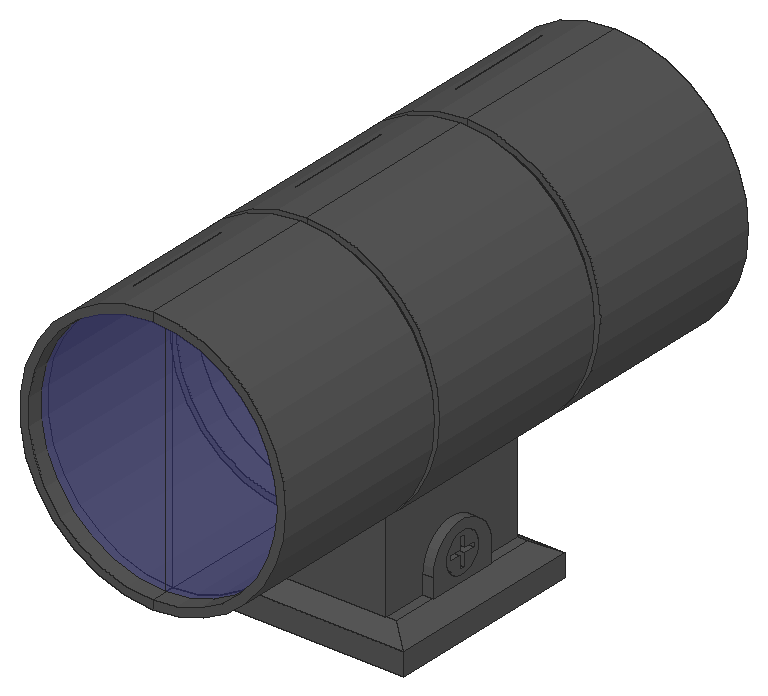
Revit family "CARLO CYLINDER LIGHT WALL MOUNT", category Lighting Fixtures, host Face, Revit 2020 (continued)
Types (10): name | Wattage_Input | Wattage Comments | Wattage | Photometric Web File | built-in parameter 1150142 | Model | built-in parameter 1150105 | Lumens | Light Length 1 | LIGHT RADIUS | LIGHT PLACEMENT | LIGHT LENGTH | LIGHT DIA | built-in parameter 1150106 | FIXED END HEIGHT | Curve base Height | Base Curve | BEAMING ANGLE | Apparent Load
    .04 \r\n 143.93 146.1 148.58 151.33 154.55 158.39 162.94 168.19 174.52 182.09 \r\n 191.53 203.76 218 233.63 251.19 270.58 293.04 320.13 350.71 384.22 \r\n 420.52 459.4 500.56 543.54 588.61 636.22 685.4 735.53 786.13 836.57 \r\n 886.6 935.79 984.04 1031.2 1076.9 1120.5 1162.2 1203.1 1240.9 1273.1 \r\n 1302.1 1329.7 1355.3 1378.8 1400.1 1419.2 1434.9 1446.5 1453.5 1455.2 \r\n 1452.3 \r\n1448.4 1454.2 1453.1 1445 1432 1416.6 1398 1375.8 1351.8 1328.5 \r\n 1304.1 1278.4 1249.8 1216.8 1180 1139.5 1095.5 1048.2 998.37 946.79 \r\n 894.39 842.27 790.61 739.86 690.3 642.65 596.1 549.54 504.62 462.82 \r\n 423.55 386.4 352.29 321.93 295.51 274.24 255.66 236.96 220.33 207.5 \r\n 196.93 187.6 179.62 172.85 167.07 162.05 157.72 153.97 150.74 147.94 \r\n 145.52 143.37 141.5 139.91 138.53 137.36 136.28 135.1 133.97 132.98 \r\n 132.05 131.14 130.25 129.33 128.45 127.68 126.91 126.03 125.04 124.12 \r\n 122.68 120.18 116.69 111.97 106.44 100.51 94.036 86.894 79.396 71.763 \r\n 64.137 56.74 49.553 42.598 35.977 29.655 24.069 19.69 16.384 14.401 \r\n 13.069 11.768 10.583 9.3599 8.1845 7.0429 6.0755 5.4692 5.0711 4.8157 \r\n 4.6274 4.3864 4.1596 3.9862 3.8306 3.6662 3.5049 3.3471 3.2002 3.0801 \r\n 2.9618 2.822 2.6709 2.5026 2.3419 2.2259 2.1123 1.9608 1.8028 1.6564 \r\n 1.5214 1.4144 1.3035 1.1457 0.99093 0.88673 0.79701 0.69712 0.60028 0.50806 \r\n 0.43071 0.38517 0.35296 0.31886 0.29002 0.26994 0.25438 0.23985 0.22763 0.21997 \r\n 0.21198 0.19714 0.18262 0.17512 0.1695 0.16254 0.15524 0.14723 0.13945 0.1332 \r\n 0.12692 0.11902 0.11095 0.10353 0.097218 0.093398 0.090187 0.086618 0.081328 0.071593 \r\n 0.060528 0.050522 0.041032 0.031776 0.024357 0.021361 0.019549 0.015931 0.012348 0.0098939 \r\n 0.0078074 0.0056112 0.0035435 0.0015226 0.000031 0 0 0 0 0 \r\n 0 0 0 0 0 0 0 0 0 0.0070707 \r\n 0.014039 0.013914 0.013216 0.017143 0.022675 0.028475 0.034696 0.040348 0.047515 0.059551 \r\n 0.071656 0.079084 0.085027 0.091507 0.097293 0.10094 0.10512 0.1131 0.12158 0.12763 \r\n 0.1334 0.14011 0.14767 0.15678 0.16615 0.17487 0.18242 0.18622 0.19157 0.20545 \r\n 0.22021 0.2283 0.23636 0.24942 0.26486 0.28099 0.3001 0.32582 0.3593 0.40042 \r\n 0.45662 0.54263 0.63652 0.71482 0.79687 0.89403 1.0068 1.1492 1.2919 1.3943 \r\n 1.5038 1.6706 1.8455 1.9899 2.1232 2.2477 2.3768 2.5341 2.6912 2.8201 \r\n 2.9427 3.0719 3.206 3.3497 3.4972 3.6396 3.7907 3.9635 4.1527 4.3559 \r\n 4.578 4.8061 5.0921 5.4701 5.981 6.7112 7.5581 8.4405 9.3807 10.287 \r\n 11.42 12.792 15.05 19.054 24.185 30.232 36.832 43.51 50.389 57.459 \r\n 64.644 71.916 79.113 86.056 92.757 99.244 105.29 110.87 115.4 117.94 \r\n 119.55 121 122.26 123.64 124.93 125.98 126.97 128.08 129.22 130.32 \r\n 131.45 132.66 133.86 134.94 136.01 137.14 138.31 139.46 140.76 142.41 \r\n 144.34 146.55 149.09 151.93 155.25 159.15 163.76 169.12 175.57 183.14 \r\n 192.92 206.61 222.35 238.59 256.13 274.49 295.9 323.06 354.05 387.86 \r\n 424.51 463.8 505.36 548.72 594.03 641.5 690.58 741.07 792.07 842.71 \r\n 892.75 941.63 989.49 1036.5 1082 1125.6 1167.3 1207.2 1244 1275.9 \r\n 1304.9 1332.6 1358.3 1381.6 1402.6 1421.7 1437.3 1448.2 1454.4 1455.6 \r\n 1452.3 \r\n1448.4 1454.9 1454.1 1446.3 1433.7 1418.2 1399.5 1377.4 1353.7 1330.5 \r\n 1306.2 1279.9 1250.8 1217.7 1180.9 1140.5 1096.7 1049.2 999.23 947.82 \r\n 895.58 843.32 791.48 740.77 691.21 643.18 596.31 549.96 505.26 463.1 \r\n 423.47 386.48 352.59 322.23 295.53 273.3 253.94 235.72 219.78 207.07 \r\n 196.47 187.15 179.19 172.5 166.8 161.79 157.46 153.74 150.53 147.74 \r\n 145.31 143.14 141.24 139.63 138.24 137.04 135.93 134.75 133.62 132.62 \r\n 131.68 130.79 129.92 129.02 128.16 127.43 126.7 125.86 124.91 123.99 \r\n 122.56 120.08 116.65 112.11 106.75 100.79 94.275 87.306 79.986 72.385 \r\n 64.699 57.11 49.734 42.759 36.15 29.773 24.119 19.668 16.313 14.345 \r\n 13.05 11.779 10.615 9.393 8.2137 7.0831 6.1218 5.4961 5.0749 4.8111 \r\n 4.6192 4.3752 4.1479 3.9773 3.8247 3.6589 3.4965 3.3424 3.1997 3.0806 \r\n 2.962 2.8203 2.6689 2.5079 2.3539 2.2352 2.1162 1.9601 1.7998 1.6581 \r\n 1.5284 1.42 1.307 1.1504 0.99813 0.89777 0.81143 0.71188 0.61462 0.52294 \r\n 0.44619 0.40113 0.3689 0.33354 0.30313 0.28179 0.26544 0.25132 0.23964 0.23201 \r\n 0.22395 0.20923 0.19471 0.18666 0.1806 0.17419 0.16734 0.15818 0.1496 0.14527 \r\n 0.14092 0.13226 0.12306 0.11607 0.11019 0.10563 0.10119 0.095988 0.089325 0.079278 \r\n 0.068653 0.060155 0.052168 0.043207 0.035573 0.032176 0.029699 0.025178 0.020452 0.016573 \r\n 0.012928 0.009116 0.005556 0.0023446 0.000049 0 0 0 0 0 \r\n 0 0 0 0 0 0 0 0 0.000000 0.0040076 \r\n 0.0079015 0.0076033 0.0069922 0.0087737 0.01239 0.018938 0.02616 0.030668 0.036952 0.050712 \r\n 0.06493 0.073265 0.079399 0.08512 0.089767 0.092333 0.095644 0.10344 0.11198 0.11811 \r\n 0.12385 0.13 0.13708 0.14659 0.15647 0.16528 0.1727 0.17591 0.18091 0.19578 \r\n 0.2114 0.21854 0.22565 0.23938 0.25597 0.27322 0.2932 0.31731 0.34938 0.39235 \r\n 0.45027 0.53458 0.62596 0.70168 0.7834 0.88765 1.007 1.1465 1.2853 1.3889 \r\n 1.5022 1.6769 1.8575 1.9959 2.1226 2.2509 2.3849 2.5419 2.6958 2.8174 \r\n 2.9334 3.0638 3.1995 3.3395 3.4795 3.6082 3.7462 3.913 4.0993 4.302 \r\n 4.5213 4.746 5.0074 5.3135 5.7236 6.3263 7.0417 7.8096 8.6593 9.515 \r\n 10.632 12.02 14.336 18.462 23.727 29.856 36.535 43.328 50.325 57.477 \r\n 64.762 72.224 79.618 86.701 93.509 100.09 106.16 111.58 115.92 118.43 \r\n 120.05 121.46 122.66 123.98 125.22 126.24 127.23 128.34 129.48 130.59 \r\n 131.72 132.9 134.07 135.12 136.18 137.34 138.55 139.73 141.07 142.75 \r\n 144.72 146.98 149.57 152.51 155.93 159.89 164.56 170.02 176.61 184.16 \r\n 194.24 209.29 226.45 243.34 260.92 278.26 298.62 325.82 357.19 391.31 \r\n 428.3 468 509.97 553.73 599.3 646.62 695.55 746.39 797.83 848.68 \r\n 898.77 947.4 994.94 1041.8 1087.2 1131 1172.5 1211.4 1247.1 1278.7 \r\n 1307.7 1335.5 1361.1 1384.3 1405.1 1424.2 1439.7 1449.9 1455.3 1455.8 \r\n 1452.3 \r\n1448.4 1455.5 1454.9 1447.5 1435.2 1419.6 1400.7 1378.7 1355.1 1332 \r\n 1307.6 1280.8 1251.1 1217.9 1181.2 1140.8 1097 1049.3 999.29 948.08 \r\n 896.04 843.69 791.72 741.05 691.48 643.1 595.94 549.82 505.35 462.9 \r\n 422.96 386.17 352.51 322.19 295.27 272.11 252 234.28 219.06 206.47 \r\n 195.85 186.57 178.66 172.05 166.42 161.44 157.13 153.44 150.27 147.49 \r\n 145.05 142.86 140.95 139.33 137.93 136.7 135.56 134.39 133.27 132.24 \r\n 131.29 130.42 129.58 128.7 127.86 127.16 126.45 125.65 124.73 123.81 \r\n 122.38 119.9 116.51 112.13 106.91 100.9 94.34 87.527 80.372 72.806 \r\n 65.074 57.318 49.778 42.792 36.198 29.762 24.039 19.539 16.16 14.22 \r\n 12.968 11.728 10.588 9.3703 8.1945 7.0896 6.1492 5.5118 5.0716 4.8003 \r\n 4.6045 4.3588 4.1319 3.9645 3.815 3.6488 3.4862 3.3361 3.1974 3.0793 \r\n 2.9603 2.8168 2.6651 2.511 2.3631 2.2417 2.1176 1.9576 1.7956 1.6588 \r\n 1.5341 1.424 1.3084 1.153 1.0032 0.90623 0.82289 0.72377 0.62641 0.53588 \r\n 0.46029 0.41562 0.38326 0.34708 0.31558 0.29313 0.27604 0.26241 0.25131 0.24359 \r\n 0.2354 0.2211 0.20687 0.19818 0.1915 0.18556 0.17911 0.16899 0.15975 0.15704 \r\n 0.15434 0.14509 0.13497 0.12832 0.1227 0.11734 0.11167 0.10488 0.096927 0.086707 \r\n 0.076644 0.069657 0.063174 0.054659 0.046919 0.04297 0.039656 0.03428 0.02849 0.023166 \r\n 0.017919 0.012442 0.0073723 0.0030635 0.000065 0 0 0 0 0 \r\n 0 0 0 0 0 0 0 0 0 0.0011787 \r\n 0.0022984 0.0021057 0.0018264 0.0016456 0.0034311 0.010605 0.01869 0.022159 0.027583 0.042614 \r\n 0.058486 0.067683 0.074109 0.079174 0.082842 0.084611 0.087298 0.094869 0.10338 0.10961 \r\n 0.11536 0.12104 0.1277 0.13741 0.14759 0.1564 0.16372 0.16671 0.17164 0.18716 \r\n 0.20327 0.20964 0.216 0.23013 0.24756 0.26587 0.28673 0.30937 0.34002 0.38432 \r\n 0.44328 0.52528 0.61386 0.68781 0.76984 0.88013 1.0051 1.1426 1.2785 1.3839 \r\n 1.5008 1.6813 1.8657 1.9986 2.1196 2.251 2.3892 2.5463 2.6979 2.8133 \r\n 2.9235 3.0548 3.1915 3.3277 3.4606 3.577 3.7028 3.8636 4.0466 4.2496 \r\n 4.4667 4.6866 4.9242 5.1658 5.4859 5.9734 6.5721 7.246 8.0238 8.8391 \r\n 9.9411 11.337 13.687 17.886 23.239 29.443 36.207 43.115 50.228 57.456 \r\n 64.835 72.478 80.066 87.299 94.224 100.9 106.99 112.23 116.4 118.92 \r\n 120.58 121.93 123.07 124.32 125.5 126.51 127.48 128.58 129.71 130.81 \r\n 131.92 133.07 134.21 135.23 136.28 137.46 138.71 139.92 141.3 143.01 \r\n 145.01 147.32 149.97 153 156.5 160.52 165.25 170.81 177.51 185.05 \r\n 195.36 211.5 229.8 247.25 264.9 281.41 300.89 328.11 359.79 394.17 \r\n 431.49 471.54 513.88 558.01 603.85 651 699.77 750.93 802.76 853.84 \r\n 904.03 952.51 999.85 1046.6 1092 1135.9 1177.4 1215.3 1250.1 1281.3 \r\n 1310.2 1337.9 1363.5 1386.6 1407.3 1426.3 1441.7 1451.3 1456 1456 \r\n 1452.3 \r\n1448.4 1456 1455.6 1448.6 1436.6 1421 1402 1380 1356.3 1333.1 \r\n 1308.5 1281.4 1251.4 1218 1181.3 1140.8 1097 1049.3 999.33 948.33 \r\n 896.48 844.13 792.07 741.34 691.67 643.08 595.75 549.77 505.44 462.83 \r\n 422.74 386.03 352.5 322.2 295.12 271.32 250.68 233.26 218.5 205.95 \r\n 195.28 186.04 178.19 171.63 166.04 161.09 156.8 153.15 150 147.23 \r\n 144.79 142.6 140.68 139.07 137.66 136.42 135.27 134.11 132.99 131.95 \r\n 130.98 130.12 129.31 128.45 127.63 126.93 126.23 125.44 124.53 123.64 \r\n 122.24 119.77 116.42 112.19 107.11 101.08 94.488 87.751 80.68 73.139 \r\n 65.391 57.555 49.925 42.907 36.282 29.755 23.947 19.427 16.056 14.137 \r\n 12.911 11.691 10.564 9.3437 8.1662 7.0846 6.1653 5.5203 5.0659 4.7895 \r\n 4.5912 4.3441 4.1171 3.9506 3.8024 3.6367 3.475 3.3278 3.1919 3.0745 \r\n 2.9555 2.8117 2.6604 2.5095 2.3643 2.2413 2.1149 1.9537 1.7918 1.6581 \r\n 1.5362 1.4249 1.3074 1.1518 1.0028 0.90781 0.82647 0.7278 0.63076 0.54171 \r\n 0.46754 0.42332 0.39102 0.35485 0.32319 0.30021 0.28273 0.26958 0.25898 0.25104 \r\n 0.24265 0.22906 0.21542 0.2061 0.19867 0.1928 0.18655 0.17612 0.16669 0.16463 \r\n 0.16258 0.15319 0.14279 0.13627 0.13064 0.12457 0.11798 0.11025 0.10164 0.091463 \r\n 0.081889 0.07589 0.070391 0.062339 0.054633 0.050037 0.045893 0.040081 0.033754 0.027356 \r\n 0.020898 0.014298 0.0082792 0.0033925 0.000074 0 0 0 0 0 \r\n 0 0 0 0 0 0 0.000003 0.00013774 0.00024197 0.000087 \r\n 0 0.00039656 0.00078766 0 0.00050212 0.0081232 0.016772 0.019794 0.024709 0.039888 \r\n 0.056118 0.065764 0.072475 0.077192 0.080412 0.082104 0.084796 0.092284 0.10073 0.107 \r\n 0.11278 0.11833 0.12482 0.1344 0.14448 0.1532 0.16056 0.16404 0.16943 0.18484 \r\n 0.20068 0.20681 0.21297 0.22701 0.24452 0.26332 0.28467 0.30675 0.33667 0.38103 \r\n 0.43966 0.51937 0.60583 0.68026 0.76281 0.87421 1.0003 1.1381 1.2745 1.3821 \r\n 1.5008 1.6812 1.8645 1.995 2.1139 2.246 2.3855 2.5431 2.6945 2.808 \r\n 2.9163 3.0469 3.1827 3.3166 3.4461 3.557 3.6772 3.8341 4.0149 4.22 \r\n 4.4379 4.6534 4.8791 5.0966 5.383 5.8216 6.3751 7.029 7.7983 8.6123 \r\n 9.7145 11.105 13.444 17.606 22.941 29.199 36.044 43.04 50.24 57.523 \r\n 64.963 72.712 80.414 87.754 94.765 101.5 107.57 112.67 116.69 119.27 \r\n 120.99 122.3 123.36 124.55 125.68 126.66 127.62 128.69 129.78 130.84 \r\n 131.92 133.05 134.17 135.19 136.23 137.42 138.68 139.93 141.34 143.07 \r\n 145.1 147.44 150.14 153.23 156.79 160.85 165.62 171.26 178.02 185.55 \r\n 195.91 212.37 231.02 248.65 266.35 282.65 301.9 329.12 360.9 395.43 \r\n 432.92 473.16 515.7 560.1 606.12 653.15 701.8 753.13 805.2 856.48 \r\n 906.84 955.41 1002.8 1049.6 1095.1 1139.2 1180.6 1217.9 1251.9 1282.9 \r\n 1311.5 1339.1 1364.7 1387.9 1408.7 1427.7 1443 1452.3 1456.6 1456.3 \r\n 1452.3 \r\n1448.4 1456.4 1456.1 1449.6 1438 1422.5 1403.4 1381.2 1357.3 1333.8 \r\n 1308.9 1281.7 1251.7 1218.2 1181.3 1140.8 1096.8 1049.3 999.5 948.71 \r\n 897.04 844.76 792.68 741.76 691.89 643.23 595.88 549.92 505.63 463.03 \r\n 422.92 386.19 352.62 322.31 295.16 271.05 250.12 232.78 218.16 205.55 \r\n 194.81 185.62 177.82 171.26 165.68 160.75 156.49 152.86 149.74 146.97 \r\n 144.54 142.36 140.46 138.85 137.44 136.21 135.07 133.92 132.81 131.74 \r\n 130.75 129.91 129.12 128.29 127.48 126.76 126.04 125.23 124.33 123.49 \r\n 122.15 119.71 116.41 112.31 107.36 101.36 94.769 88.017 80.931 73.404 \r\n 65.675 57.856 50.221 43.145 36.431 29.776 23.866 19.356 16.026 14.116 \r\n 12.894 11.681 10.557 9.3233 8.1365 7.0724 6.1716 5.5222 5.0587 4.7798 \r\n 4.5805 4.3325 4.1045 3.9362 3.7871 3.6229 3.4633 3.3175 3.1828 3.0657 \r\n 2.9472 2.805 2.6549 2.503 2.3566 2.2334 2.1077 1.9485 1.7887 1.6559 \r\n 1.5342 1.4225 1.3041 1.1468 0.99634 0.9017 0.82123 0.72305 0.62677 0.53943 \r\n 0.46693 0.42321 0.39122 0.35599 0.32518 0.30232 0.28486 0.27217 0.26198 0.25365 \r\n 0.24502 0.23244 0.21969 0.20976 0.20143 0.19522 0.1889 0.1789 0.16983 0.16731 \r\n 0.16479 0.15575 0.14577 0.13918 0.13324 0.12658 0.11943 0.11155 0.103 0.093092 \r\n 0.083896 0.078266 0.073134 0.065539 0.058007 0.052685 0.047751 0.041992 0.035737 0.028709 \r\n 0.021511 0.014442 0.008143 0.0032778 0.000074 0 0 0 0 0 \r\n 0 0 0 0 0 0 0.000010 0.00044829 0.00089028 0.00074716 \r\n 0.00093376 0.0026932 0.0044514 0.0036406 0.0044852 0.012363 0.021247 0.024508 0.029326 0.043401 \r\n 0.058539 0.06815 0.07512 0.079838 0.083209 0.085624 0.089021 0.096601 0.10496 0.11121 \r\n 0.11702 0.12282 0.12944 0.13853 0.14808 0.1566 0.16417 0.16893 0.17533 0.18981 \r\n 0.20454 0.21101 0.2176 0.23099 0.24775 0.2664 0.28778 0.31008 0.3398 0.38264 \r\n 0.43924 0.51655 0.60142 0.67744 0.76139 0.86926 0.99232 1.1332 1.2737 1.3838 \r\n 1.5025 1.6763 1.8532 1.9846 2.1056 2.2356 2.3731 2.5315 2.6849 2.8016 \r\n 2.9121 3.0406 3.1736 3.3068 3.4368 3.5501 3.6724 3.8279 4.0079 4.2171 \r\n 4.4393 4.6511 4.8787 5.1189 5.4363 5.9026 6.4931 7.2108 8.0436 8.9009 \r\n 10.02 11.393 13.67 17.675 22.875 29.159 36.081 43.135 50.385 57.702 \r\n 65.166 72.93 80.653 88.048 95.104 101.84 107.88 112.84 116.77 119.44 \r\n 121.28 122.53 123.5 124.63 125.72 126.68 127.62 128.64 129.67 130.68 \r\n 131.71 132.83 133.95 134.96 136.01 137.18 138.44 139.72 141.17 142.92 \r\n 144.96 147.32 150.05 153.16 156.74 160.83 165.64 171.31 178.1 185.62 \r\n 195.83 211.76 229.86 247.23 264.92 281.73 301.51 328.71 360.35 394.87 \r\n 432.39 472.62 515.18 559.7 605.82 652.78 701.35 752.69 804.84 856.29 \r\n 906.88 955.8 1003.6 1050.6 1096.3 1140.5 1181.9 1219 1252.6 1283.2 \r\n 1311.5 1338.9 1364.4 1388 1409.2 1428.3 1443.4 1452.7 1456.9 1456.5 \r\n 1452.3 \r\n1448.4 1456.7 1456.6 1450.4 1439.3 1423.9 1404.8 1382.3 1358 1334 \r\n 1308.8 1281.5 1251.6 1218.1 1181 1140.2 1096.1 1048.8 999.3 948.75 \r\n 897.28 845.12 793.07 741.91 691.79 643.14 595.85 549.87 505.57 463.08 \r\n 423.07 386.28 352.62 322.31 295.14 270.89 249.82 232.46 217.83 205.12 \r\n 194.3 185.16 177.45 170.88 165.27 160.36 156.14 152.55 149.45 146.68 \r\n 144.26 142.11 140.24 138.64 137.24 136.02 134.89 133.76 132.66 131.57 \r\n 130.55 129.72 128.96 128.16 127.36 126.61 125.84 125 124.1 123.32 \r\n 122.05 119.64 116.38 112.4 107.56 101.61 95.02 88.201 81.049 73.532 \r\n 65.844 58.103 50.516 43.374 36.545 29.743 23.721 19.248 15.988 14.089 \r\n 12.863 11.651 10.525 9.2763 8.0805 7.0389 6.1633 5.5152 5.0469 4.7674 \r\n 4.5678 4.3194 4.0907 3.9196 3.7684 3.6067 3.4503 3.3055 3.171 3.0542 \r\n 2.9364 2.7967 2.6482 2.493 2.343 2.2204 2.097 1.9417 1.7853 1.6524 \r\n 1.5296 1.4176 1.2984 1.1387 0.9859 0.8906 0.81026 0.71262 0.61748 0.5323 \r\n 0.46186 0.41864 0.38702 0.35338 0.32416 0.30181 0.28458 0.27238 0.26258 0.25374 \r\n 0.24479 0.23351 0.22196 0.21139 0.20201 0.19519 0.18868 0.17954 0.17116 0.16749 \r\n 0.16384 0.15547 0.14636 0.13954 0.13306 0.12584 0.11831 0.11065 0.10256 0.093107 \r\n 0.0843 0.078746 0.073688 0.066626 0.059394 0.053226 0.047432 0.041984 0.036131 0.028673 \r\n 0.020936 0.013682 0.0074094 0.0028986 0.000070 0 0 0 0 0 \r\n 0 0 0 0 0 0 0.000020 0.00074756 0.0017577 0.0025795 \r\n 0.0040414 0.007517 0.0109 0.011044 0.01244 0.020422 0.029312 0.033191 0.038119 0.05026 \r\n 0.063375 0.072699 0.07997 0.084906 0.088797 0.092466 0.097026 0.10476 0.11298 0.11918 \r\n 0.12503 0.13133 0.13825 0.14658 0.15528 0.1635 0.17139 0.17798 0.18581 0.1988 \r\n 0.2118 0.219 0.22642 0.23877 0.25422 0.27236 0.29355 0.31622 0.34563 0.38569 \r\n 0.43888 0.51308 0.59615 0.67467 0.76049 0.86313 0.9818 1.1275 1.2744 1.3874 \r\n 1.5051 1.6681 1.8349 1.9692 2.0947 2.2211 2.3545 2.5142 2.6711 2.794 \r\n 2.9091 3.0345 3.1634 3.2967 3.4294 3.5495 3.6782 3.8335 4.013 4.2278 \r\n 4.4562 4.6639 4.9004 5.1893 5.5741 6.1108 6.7848 7.6171 8.5571 9.4842 \r\n 10.63 11.974 14.152 17.917 22.903 29.198 36.198 43.293 50.577 57.912 \r\n 65.379 73.114 80.812 88.242 95.329 102.04 108.02 112.87 116.73 119.53 \r\n 121.51 122.71 123.58 124.65 125.69 126.64 127.56 128.51 129.46 130.39 \r\n 131.36 132.47 1
